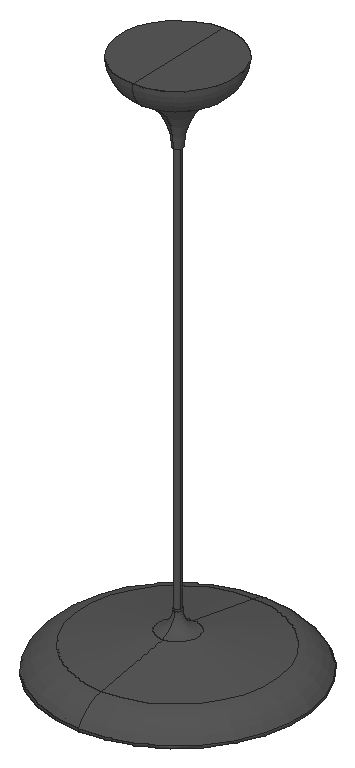
Revit family "Lighting_Pendants_Nordlux_Artist_25", category Lighting Fixtures, host Ceiling, Revit 2017
Family settings
  Host = Ceiling
  Round Connector Dimension = Use Diameter
  Part Type = Normal
  OmniClass Number = 23.80.70.11
  OmniClass Title = Luminaries for Internal Lighting
  Always vertical = Yes
  Cut with Voids When Loaded = No
  Light Source = Yes
  Shared = No
  Room Calculation Point = No
Parameters (values of type "Artist 25 - black")
  Wattage = 6.7321 W
  WarrantyStartDate [instance] = "n/a"
  WarrantyGuarantorParts = "n/a"
  WarrantyGuarantorLabor = "n/a"
  WarrantyDurationUnit = "Hours"
  WarrantyDurationParts = "n/a"
  WarrantyDurationLabor = "n/a"
  WarrantyDescription = "n/a"
  built-in parameter 1150110 = 1 (stored number, unit not read)
  VersionDate = "01/07/2020"  # constant formula
  Version = "1"  # constant formula
  UsageCurrent = 0 A
  Uniclass2015Reference = "Pr_70_70_48_62"
  Uniclass2015Description = "Pendant  luminaires"
  Uniclass2 = "Pr_70_70_49_86"
  URL = "https://www.nordlux.com/products/product/83083003"
  TotalWattage = 14 W
  built-in parameter 1114217 = 1 (stored number, unit not read)
  Tilt Angle = 90.00°
  built-in parameter 1150109 = 1 (stored number, unit not read)
  built-in parameter 1150134 = (empty or 0)
  TagNumber [instance] = "n/a"
  SustainabilityPerformance = "n/a"
  built-in parameter 1150113 = 1 (stored number, unit not read)
  Socket = "LED MODUL"
  Size = "Shade: 250x250x60 mm / Canopy: 114x114x82 mm"
  Shape = "Sculptured"
  SerialNumber [instance] = "n/a"
  Revision = "1"  # constant formula
  ReplacementCost = "n/a"
  ProductInformation = "n/a"
  Product data url = "https://www.bimobject.com/nordlux/product/artist_25_pendant_led"
  Photometric Web File = "8308 Artist 25.ies"
  PhaseReference = "n/a"
  PhaseAngle = 0.00°
  NumberOfSources = 0
  NumberOfPoles = 1
  NominalWidth = NominalDiameter  # 250 mm
  NominalVoltageCalc = 0 V
  NominalVoltage = 230 V
  NominalRadius = NominalDiameter / 2  # 125 mm
  NominalLength = NominalDiameter  # 250 mm
  NominalHeight [instance] = CableLengthControl + 60 mm  # 560 mm
  NominalFrequencyRange = 50 Hz
  NominalDiameter = 250 mm
  NominalCurrent = 0 A
  Name = "Artist_25"  # constant formula
  NBSReference = "90-60-50/405"
  NBSDescription = "General purpose luminaires"
  ModelReference = ArticleNumber  # "83083003"
  ModelNumber = "n/a"
  Model = "Artist 25 - black"
  Material = "Metal, plastic & textile"
  ManufacturersSpecificInformation = "n/a"
  ManufacturerURL = "https://www.nordlux.com/"
  ManufacturerName = "Nordlux"
  Manufacturer = "Nordlux"
  MaintenanceFactor = 0
  Lumens = 1000 lm
  LuminairePowerFactor = "0.98"
  built-in parameter 1150115 = 1 (stored number, unit not read)
  built-in parameter 1150105 = 360.88 (stored number, unit not read)
  LightSource = "Incl. 14W LED"
  LightFixtureSecondaryMaterial = Black cable
  LightFixturePlacingType = "Ceilling"
  LightFixtureMountingType = "Suspended"
  LightFixtureMainMaterial = Black
  built-in parameter 1150137 = (empty or 0)
  built-in parameter 1150139 = (empty or 0)
  LensMaterial = Glass
  built-in parameter 1150112 = 1 (stored number, unit not read)
  built-in parameter 1150114 = 1 (stored number, unit not read)
  InsulationStandardClass = "Class 2 (Double isolated)"
  InstallationDate [instance] = "n/a"
  built-in parameter 1150132 = 2
  built-in parameter 1150102 = (empty or 0)
  built-in parameter 1150138 = (empty or 0)
  built-in parameter 1150107 = 2700 (stored number, unit not read)
  built-in parameter 1150106 = 3.6088 (stored number, unit not read)
  IfcExportType = "NOTDEFINED"  # constant formula
  IfcExportAs = "IfcLightFixtureType"  # constant formula
  IP_Code = "IP20"
  HasProtectiveEarth = no
  Grade = "n/a"
  Finish = "Primary material metal, secondary material plastic, textile cable."
  Features = "Textile cable 300cm. Cable can not be replaced."
  ExpectedLife = "20.000"
  EnergyClass = "A - A++"
  Emit from Circle Diameter = 230 mm
  Emit Shape Visible in Rendering = no
  ElectricalDeviceNominalPower = 0
  built-in parameter 1150104 = 13.8 (stored number, unit not read)
  EANNumber = "5701581345485"
  DurationUnit = "Hours"
  Dimming Lamp Color Temperature Shift = <None>
  Designer = "Bonnelycke MDD"
  Description = "With its timeless design and simple shape, ARTIST is a beautiful candidate for a future classic. As the name suggests, Artist is modeled on the world of music – inspired by a drum kit cymbal."
  DefaultElevation = 0 mm
  ConvergoRefNr = "0143-1909-0001-DK"
  Constituents = "n/a"
  ColourIndexRA = "80"
  Color Filter = 16777215
  Color = "Black"
  Collection = "Artist"
  CodePerformance = "n/a"
  Category = "Indoor lighting"
  CableLengthControl [instance] = if(CableLength < 250 mm, 250 mm, if(CableLength > 3000 mm, 3000 mm, CableLength))  # 500 mm
  CableLength [instance] = 500 mm
  Brand = "Nordlux"
  Barcode [instance] = "n/a"
  built-in parameter 1114218 = 1 (stored number, unit not read)
  BIMObjectName = "Lighting_Pendants_Nordlux_Artist_25"  # constant formula
  Author = "Convergo AB"  # constant formula
  built-in parameter 1150133 = 10 (stored number, unit not read)
  AssetType = "Fixed"
  AssetIdentifier [instance] = "n/a"
  ArticleNumber = "83083003"
  AccessibilityPerformance = "n/a"
Types (4, lengths in mm): name | URL | ModelReference | Model | LightFixtureSecondaryMaterial | LightFixtureMainMaterial | EANNumber | Color | ArticleNumber
  Artist 25 - black | "https://www.nordlux.com/products/product/83083003" | "83083003" | "Artist 25 - black" | Black cable | Black | "5701581345485" | "Black" | "83083003"
  Artist 25 - grey | "https://www.nordlux.com/products/product/83083010" | "83083010" | "Artist 25 - grey" | Grey cable | Grey | "5701581301085" | "Grey" | "83083010"
  Artist 25 - copper | "https://www.nordlux.com/products/product/83083030" | "83083030" | "Artist 25 - copper" | Black cable | Copper | "5701581301184" | "Copper" | "83083030"
  Artist 25 - silver | "https://www.nordlux.com/products/product/83083054" | "83083054" | "Artist 25 - silver" | Black cable | Silver | "5701581386884" | "Silver" | "83083054"
Reference planes
  plane 1 "Light Source Axis (F/B)": y = 0
  plane 2: z = 0
  plane 3 "Light Source Axis (L/R)": x = 0
  plane 4 "Ceiling": z = 4000
  plane 5 "Light Source Elevation": z = 3442
  plane 6: z = 3500
  plane 7: z = 3440
  plane 8: x = -125
  plane 9: y = 125
  plane 10: x = 125
  plane 11: y = -125
Forms (mm)
  Extrusion 1, solid, material "Black" <- "LightFixtureMainMaterial", detail levels coarse
    sketch origin (0, 0, 3442) x (-1, 0, 0) y (0, -1, 0)
      loop
        line (124.998, -124.998) -> (124.998, 124.998) -> (-124.998, 124.998) -> (-124.998, -124.998) -> (124.998, -124.998)
    from -2 to 558
Dimensions and locks
  equal spacing: host sketch curve, plane 3 "Light Source Axis (L/R)", host sketch curve
  equal spacing: host sketch curve, plane 1 "Light Source Axis (F/B)", host sketch curve
  host sketch curve to host sketch curve = 4000 mm  (x2)
  locked: plane 4 "Ceiling" to host ceiling at 0
  "CableLengthControl": plane 6 to plane 4 "Ceiling"
  locked: plane 7 to plane 5 "Light Source Elevation" at 2
  equal spacing: plane 11, plane 1 "Light Source Axis (F/B)", plane 9
  "NominalDiameter": plane 9 to plane 11
  equal spacing: plane 8, plane 3 "Light Source Axis (L/R)", plane 10
  "NominalDiameter": plane 8 to plane 10
  "NominalHeight": plane 7 to plane 4 "Ceiling"
  aligned and locked: plane 3 "Light Source Axis (L/R)" to imposter light
  aligned and locked: plane 1 "Light Source Axis (F/B)" to imposter light
  aligned and locked: plane 5 "Light Source Elevation" to imposter light
  aligned and locked: nested 1 to plane 6
  aligned and locked: nested 2 to plane 4 "Ceiling"
  aligned and locked: Extrusion 1 to plane 4 "Ceiling"
  aligned and locked: Extrusion 1 to plane 7
Automatic sketch dimensions
  plane 3 "Light Source Axis (L/R)" to Extrusion 1 sketch curve = 124.998 mm
  Extrusion 1 sketch curve to plane 3 "Light Source Axis (L/R)" = 124.998 mm
  Extrusion 1 sketch curve to plane 1 "Light Source Axis (F/B)" = 124.998 mm
  plane 1 "Light Source Axis (F/B)" to Extrusion 1 sketch curve = 124.998 mm
Nested families
  nested 1: "Artist_25" at (0, 0, 3440), Metal <- "LightFixtureMainMaterial", Glass <- "LensMaterial", type "Artist_25"
    with Metal Black, Glass Glass
  nested 2: "Artist_Cable" at (0, 0, 4000) x (1, 0, 0) z (0, 0, -1), CableLength <- "CableLengthControl", Metal <- "LightFixtureMainMaterial", Cable <- "LightFixtureSecondaryMaterial", type "Artist_Cable"
    with Metal Black, CableLength 500 mm, Cable Black cable
Connectors
  electrical at (0, 0, 4000), driven by "NominalVoltage", driven by "NumberOfPoles"
    settings: on nested 2, index 1, voltage 230 V, apparent load 0 VA, apparent load phase1 0 VA, apparent load phase2 0 VA, apparent load phase3 0 VA, power factor 1, load classification "Other", number of poles 1, system type 31, power factor state 1, is connector primary yes, connector utility no, sub classification motor no, connector description ""
Definition of nested family "Artist_25"
  Parameters (values of type "Artist_25")
    Glass [instance] = none
    Metal [instance] = none
  Reference planes
    plane 1 "Center (Front/Back)": y = 0
    plane 2: z = 0
    plane 3 "Center (Left/Right)": x = 0
    plane 4: z = 60
    plane 5: y = 124.998
    plane 6: y = -124.998
    plane 7: x = -124.998
    plane 8: x = 124.998
    plane 9: z = 2
  Forms (mm)
    Revolve 1, solid, material <- "Metal", detail levels medium+fine
      sketch origin (0, 0, 0) x (0, 1, 0) y (0, 0, 1)
        loop
          line (0, 2) -> (122.998, 2)
          arc (122.998, 2) -> (124.703, 2.955) -> (124.78, 4.907) r 2
          arc (124.78, 4.907) -> (112.881, 19.024) -> (95.961, 26.412) r 40.599
          arc (95.961, 26.412) -> (57.797, 33.301) -> (19.583, 39.906) r 5226.636
          arc (19.583, 39.906) -> (8.239, 46.376) -> (3.75, 58.64) r 19
          line (3.75, 58.64) -> (3.75, 60) -> (0, 60) -> (0, 2)
        axis (0, 60) -> (0, 2)
      angle from 0 to 360
    Revolve 2, solid, material <- "Glass", detail levels medium+fine
      sketch origin (0, 25, 0) x (0, 1, 0) y (0, 0, 1)
        loop
          line (-25, 0) -> (88.671, 0)
          arc (88.671, 0) -> (90.085, 0.586) -> (90.671, 2) r 2
          line (90.671, 2) -> (-25, 2) -> (-25, 0)
        axis (-25, 2) -> (-25, 0)
      angle from 0 to 360
  Lines and regions (mm)
    symbolic lines, detail levels medium+fine
      curve 1: circle (0, 0, 0) r 124.998 normal (0, 0, 1)
      curve 3: arc (0, 19.299, 39.954) -> (0, 8.072, 46.409) -> (0, 3.75, 58.616) r 18.66
      curve 4: arc (0, 95.961, 26.412) -> (0, 57.655, 33.326) -> (0, 19.299, 39.954) r 5226.636
      curve 5: arc (0, 124.78, 4.907) -> (0, 112.881, 19.024) -> (0, 95.961, 26.412) r 40.599
      curve 6: arc (0, 122.998, 2) -> (0, 124.703, 2.955) -> (0, 124.78, 4.907) r 2
      curve 7: line (0, 122.998, 2) -> (0, 115.671, 2)
      curve 8: arc (0, 113.671, 0) -> (0, 115.085, 0.586) -> (0, 115.671, 2) r 2
      curve 9: line (0, 113.671, 0) -> (0, 0, 0)
      curve 11: arc (0, -19.299, 39.954) -> (0, -8.072, 46.409) -> (0, -3.75, 58.616) r 18.66
      curve 12: arc (0, -95.961, 26.412) -> (0, -57.655, 33.326) -> (0, -19.299, 39.954) r 5226.636
      curve 13: arc (0, -124.78, 4.907) -> (0, -112.881, 19.024) -> (0, -95.961, 26.412) r 40.599
      curve 14: arc (0, -122.998, 2) -> (0, -124.703, 2.955) -> (0, -124.78, 4.907) r 2
      curve 15: line (0, -122.998, 2) -> (0, -115.671, 2)
      curve 16: arc (0, -113.671, 0) -> (0, -115.085, 0.586) -> (0, -115.671, 2) r 2
      curve 17: line (0, -113.671, 0) -> (0, 0, 0)
      curve 19: arc (-19.299, 0, 39.954) -> (-57.655, 0, 33.326) -> (-95.961, 0, 26.412) r 5226.636
      curve 20: arc (-95.961, 0, 26.412) -> (-112.881, 0, 19.024) -> (-124.78, 0, 4.907) r 40.599
      curve 21: arc (-124.78, 0, 4.907) -> (-124.703, 0, 2.955) -> (-122.998, 0, 2) r 2
      curve 22: line (-122.998, 0, 2) -> (-115.671, 0, 2)
      curve 23: arc (-3.75, 0, 58.616) -> (-8.072, 0, 46.409) -> (-19.299, 0, 39.954) r 18.66
      curve 24: line (0, 0, 0) -> (-113.671, 0, 0)
      curve 25: arc (-115.671, 0, 2) -> (-115.085, 0, 0.586) -> (-113.671, 0, 0) r 2
      curve 27: arc (19.299, 0, 39.954) -> (57.655, 0, 33.326) -> (95.961, 0, 26.412) r 5226.636
      curve 28: arc (95.961, 0, 26.412) -> (112.881, 0, 19.024) -> (124.78, 0, 4.907) r 40.599
      curve 29: arc (124.78, 0, 4.907) -> (124.703, 0, 2.955) -> (122.998, 0, 2) r 2
      curve 30: line (122.998, 0, 2) -> (115.671, 0, 2)
      curve 31: arc (3.75, 0, 58.616) -> (8.072, 0, 46.409) -> (19.299, 0, 39.954) r 18.66
      curve 32: line (0, 0, 0) -> (113.671, 0, 0)
      curve 33: arc (115.671, 0, 2) -> (115.085, 0, 0.586) -> (113.671, 0, 0) r 2
      curve 37: line (0, 3.75, 58.616) -> (0, 3.75, 60)
      curve 38: line (0, -3.75, 58.616) -> (0, -3.75, 60)
      curve 39: line (0, 3.75, 60) -> (0, 3, 60)
      curve 40: line (0, -3.75, 60) -> (0, -3, 60)
      curve 43: line (-3, 0, 60) -> (-3.75, 0, 60)
      curve 44: line (3, 0, 60) -> (3.75, 0, 60)
      curve 45: line (3.75, 0, 58.616) -> (3.75, 0, 60)
      curve 46: line (-3.75, 0, 58.616) -> (-3.75, 0, 60)
    symbolic lines, detail levels fine
      curve 2: circle (0, 0, 0) r 115.671 normal (0, 0, 1)
      curve 10: line (0, 115.671, 2) -> (0, 0, 2)
      curve 18: line (0, -115.671, 2) -> (0, 0, 2)
      curve 26: line (-115.671, 0, 2) -> (0, 0, 2)
      curve 34: line (115.671, 0, 2) -> (0, 0, 2)
      curve 35: line (0, 3, 60) -> (0, 0, 60)
      curve 36: line (0, -3, 60) -> (0, 0, 60)
      curve 41: line (0, 0, 60) -> (-3, 0, 60)
      curve 42: line (0, 0, 60) -> (3, 0, 60)
  Dimensions and locks
    plane 4 to level = 60 mm
    aligned and locked: level to plane 2
Definition of nested family "Artist_Cable"
  Parameters (values of type "Artist_Cable")
    Default Elevation = 1219.2 mm
    CableLength [instance] = 250 mm
    Cable [instance] = none
    Metal [instance] = none
  Reference planes
    plane 1 "Center (Front/Back)": y = 0
    plane 2: z = 0
    plane 3 "Center (Left/Right)": x = 0
  Forms (mm)
    Revolve 1, solid, material <- "Metal", detail levels medium+fine
      sketch origin (0, 0, 0) x (0, 1, 0) y (0, 0, 1)
        loop
          line (4.673, 81.85) -> (0, 81.85) -> (0, 0) -> (57.493, 0)
          arc (57.493, 0) -> (52.513, 16.914) -> (39.163, 28.433) r 31.217
          arc (39.163, 28.433) -> (14.066, 50.071) -> (4.673, 81.85) r 58.741
        axis (0, 81.85) -> (0, 0)
      angle from 0 to 360
    Extrusion 2, solid, material <- "Cable", detail levels medium+fine
      sketch origin (0, 0, 0) x (1, 0, 0) y (0, 1, 0)
        loop
          circle (0, 0) r 3
      from 81.85 to 250 <- "CableLength"
  Lines and regions (mm)
    symbolic lines, detail levels medium+fine
      curve 1: line (0, 57.493, 0) -> (0, 0, 0)
      curve 2: arc (0, 57.493, 0) -> (0, 52.513, 16.914) -> (0, 39.163, 28.433) r 31.217
      curve 3: arc (0, 39.163, 28.433) -> (0, 14.066, 50.071) -> (0, 4.673, 81.85) r 58.741
      curve 4: line (0, 4.673, 81.85) -> (0, 3, 81.85)
      curve 5: line (0, 3, 250) -> (0, 3, 81.85)
      curve 7: line (0, -57.493, 0) -> (0, 0, 0)
      curve 8: arc (0, -57.493, 0) -> (0, -52.513, 16.914) -> (0, -39.163, 28.433) r 31.217
      curve 9: arc (0, -39.163, 28.433) -> (0, -14.066, 50.071) -> (0, -4.673, 81.85) r 58.741
      curve 10: line (0, -4.673, 81.85) -> (0, -3, 81.85)
      curve 11: line (0, -3, 250) -> (0, -3, 81.85)
      curve 13: arc (-39.163, 0, 28.433) -> (-52.513, 0, 16.914) -> (-57.493, 0, 0) r 31.217
      curve 14: line (0, 0, 0) -> (-57.493, 0, 0)
      curve 15: arc (-4.673, 0, 81.85) -> (-14.066, 0, 50.071) -> (-39.163, 0, 28.433) r 58.741
      curve 16: line (-3, 0, 81.85) -> (-4.673, 0, 81.85)
      curve 18: line (-3, 0, 81.85) -> (-3, 0, 250)
      curve 19: arc (39.163, 0, 28.433) -> (52.513, 0, 16.914) -> (57.493, 0, 0) r 31.217
      curve 20: line (0, 0, 0) -> (57.493, 0, 0)
      curve 21: arc (4.673, 0, 81.85) -> (14.066, 0, 50.071) -> (39.163, 0, 28.433) r 58.741
      curve 22: line (3, 0, 81.85) -> (4.673, 0, 81.85)
      curve 24: line (3, 0, 81.85) -> (3, 0, 250)
    symbolic lines, detail levels fine
      curve 6: line (0, 3, 81.85) -> (0, 0, 81.85)
      curve 12: line (0, -3, 81.85) -> (0, 0, 81.85)
      curve 17: line (-3, 0, 81.85) -> (0, 0, 81.85)
      curve 23: line (3, 0, 81.85) -> (0, 0, 81.85)
  Dimensions and locks
    aligned and locked: level to plane 2
    aligned and locked: Extrusion 2 to curve 5
    aligned and locked: curve 11 to Extrusion 2
    aligned and locked: Extrusion 2 to curve 18
    aligned and locked: curve 24 to Extrusion 2
